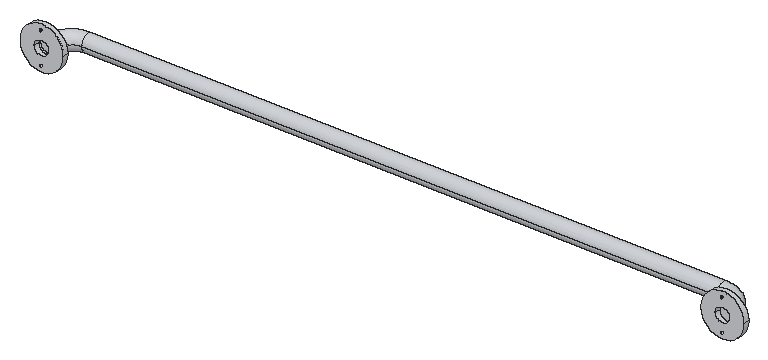
Revit family "AX8032X1370_0002", category Appareils sanitaires, Revit 2016
Family settings
  Hôte = Mur
  Type d'élément = Normal
  Cote de connecteur circulaire = Utiliser le diamètre
  Numéro OmniClass = 23.75.00.00
  Titre OmniClass = Climate Control (HVAC)
  Toujours verticalement = Oui
  Couper avec des vides une fois chargée = Non
  Partagée = Non
  Point de calcul de pièce = Non
Parameters (values of type "Type 1")
  URL = "https://www.axeuro.com/fr/barres-droites/24478-barre-d-appui-ax8032x1370.html"
  Type de produit / Type of product = "Barre de sécurité / Grab bar"  # constant formula
  Référence / Reference = "AX8032X1370"  # constant formula
  Model = ""
  Manufacturer = ""
  Entreprise / Company = "Axeuro"  # constant formula
  Description = ""
Reference planes
  plane 1 "Mur": y = 0
  plane 2 "Centre (gauche/droite)": x = 0
  plane 3 "Arrière": y = 75
  plane 4: z = 0
  plane 5: x = 800
  plane 6: z = 870.009
  plane 7: x = -800
Forms (mm)
  Extrusion 1, solid
    sketch origin (-454.5, 75, 0) x (-1, 0, 0) y (0, 0, -1)
      loop
        circle (190, -669.455) r 40.5
    from -10 to 0
  Sweep 2, solid
    path origin (678.5, -18.736, 669.511) x (1, 0, 0) y (0, 1, 0)
      loop
        line (-1323, 103.736) -> (-1323, 105.837)
        arc (-1323, 105.837) -> (-1310.142, 136.878) -> (-1279.102, 149.735) r 43.898
        line (-1279.102, 149.735) -> (-77.898, 149.735)
        arc (-77.898, 149.735) -> (-46.858, 136.878) -> (-34, 105.837) r 43.898
        line (-34, 105.837) -> (-34, 103.736)
    profile origin (0, 131, 669.511) x (0, 1, 0) y (0, 0, 1)
      loop
        circle (0, 0) r 16
  Extrusion 3, void
    sketch origin (494.5, 0, 0) x (1, 0, 0) y (0, 0, 1)
      loop
        circle (150, 669.455) r 14
    from -88.969 to -75
  Extrusion 4, void
    sketch origin (-494.5, 0, 0) x (-1, 0, 0) y (0, 0, -1)
      loop
        circle (150, -669.455) r 14
    from -88.969 to -75
  Extrusion 5, void
    sketch origin (-850.622, 0, 1337.127) x (1, 0, 0) y (0, 0, 1)
      loop
        circle (206.122, -697.622) r 3
    from -79.397 to -75
  Extrusion 6, void
    sketch origin (-850.622, 0, 1.883) x (1, 0, 0) y (0, 0, 1)
      loop
        circle (206.122, 697.622) r 3
    from -79.397 to -75
  Extrusion 7, void
    sketch origin (850.622, 0, 1337.127) x (-1, 0, 0) y (0, 0, -1)
      loop
        circle (206.122, 697.622) r 3
    from -79.397 to -75
  Extrusion 8, void
    sketch origin (850.622, 0, 1.883) x (-1, 0, 0) y (0, 0, -1)
      loop
        circle (206.122, -697.622) r 3
    from -79.397 to -75
  Extrusion 9, solid
    sketch origin (454.5, 75, 0) x (1, 0, 0) y (0, 0, 1)
      loop
        circle (190, 669.455) r 40.5
    from -10 to 0
Cuts and joins
  Extrusion 4 cuts Sweep 2
  Extrusion 4, Extrusion 5, Extrusion 6, Extrusion 7, Extrusion 8 cuts Extrusion 1
  Extrusion 3, Extrusion 7, Extrusion 8 cuts Extrusion 9
Text (mm)
  text "Côté de la mise en place" at (-1820.995, 1116.779, 0), in view "Niveau de réf."
  text "Côté de la mise en place" at (0, 1334.055, 2976.191), in view "Gauche"
  text "Côté de la mise en place" at (0, 439.194, 2944.362), in view "Droite"
Dimensions and locks
  locked: plane 3 "Arrière" to host wall
  aligned and locked: plane 1 "Mur" to host wall
  aligned and locked: host sketch curve to plane 4
  aligned and locked: host sketch curve to plane 6
